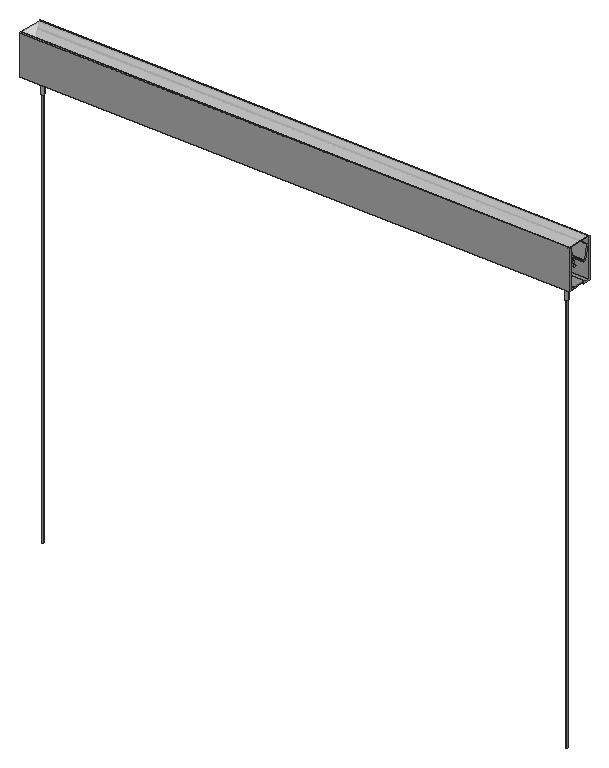
Revit family "2059336 Sylvania Lighting Fixture MC2 D I 1-2M 4K DALI WHT PRIS", category Lighting Fixtures, host Face, Revit 2016
Family settings
  Host = Face
  Part Type = Normal
  Round Connector Dimension = Use Diameter
  OmniClass Number = 23.80.70.11.17
  OmniClass Title = Specialized Lighting by Location or Use
  Cut with Voids When Loaded = No
  Light Source = Yes
  Shared = No
  Room Calculation Point = No
Parameters (values of type "2059336 MC2 D/I 1.2M 4K DALI WHT PRIS")
  Width_SYL = 54.0 mm
  Weight = "3.1 kg"
  Wattage = 32 W
  WarrantyStartDate [instance] = "n/a"
  WarrantyGuarantorParts = "n/a"
  WarrantyDurationUnit = "n/a"
  WarrantyDurationParts = "n/a"
  WarrantyDescription = "n/a"
  built-in parameter 1150110 = 1 (stored number, unit not read)
  Voltage = 0 V
  URL = "http://www.sylvania-lighting.com"
  TypeName = "MC2 D/I 1.2M 4K DALI WHT PRIS"
  built-in parameter 1114217 = 1 (stored number, unit not read)
  Tilt Angle = -90.00°
  built-in parameter 1150109 = 1 (stored number, unit not read)
  built-in parameter 1150134 = 12
  built-in parameter 1150113 = 1 (stored number, unit not read)
  SerialNumber [instance] = "n/a"
  PowerFactor = 0.95
  PowerConsumption = "32 W"
  NominalWidth = 0.0 mm
  NominalLength = 1200.0 mm
  NominalHeight = 86.0 mm
  Name = "MC2 D/I 1.2M 4K DALI WHT PRIS"
  ModelReference = "MC2 D/I 1.2M 4K DALI WHT PRIS"
  ModelNumber = "2059336"
  Material_3_SYL = Metal_Sylvania_Mini Contiuum II_Silver
  Photometric Web File = "2059336.ies"
  Material_4_SYL = Metal_Sylvania_Mini Contiuum II_Silver
  MountingHeight_SYL [instance] = 1000.0 mm
  Material = "aluminium housing, polycarbonate diffuser"
  ManufacturerName = "Feilo Sylvania"
  LuminousEfficacy = "122 lm/W"
  LuminaireType = ""
  LightOutputRatio = "100"
  Length_SYL = 1200.0 mm
  LampsType = Lamp  # "LED"
  LampNominalLuminous = "3888 lm"
  LampMacAdamStep = "3"
  LampColourTemperature = "4000 K"
  LampColourRenderingIndex = "80"
  Keynote = "16500"
  InstallationDate [instance] = "n/a"
  InputVoltage = "n/a"
  InputNominalFrequency = "n/a"
  IngressProtection = "IP20"
  ImpactProtectionIndex = "n/a"
  IfcExportType = "IfcLightFixtureType"
  IfcExportAs = "IfcLightFixtureType"
  Height_SYL = 86.0 mm
  ExpectedLife = 50000
  EndCapRight_SYL [instance] = no
  EndCapLeft_SYL [instance] = no
  Emit from Rectangle Width = Width_SYL - 2.0 mm  # 52.0 mm
  Emit from Rectangle Length = Length_SYL  # 1200.0 mm
  Emit Shape Visible in Rendering = no
  ElectricShockClassification = "Class I"
  DurationUnit = "hours"
  DocumentationLiterature = "http://www.sylvania-lighting.com/product/en-int/products/2059336"
  DimmingControlOptions = "n/a"
  CreatedOn = "10/15/2018"
  CreatedBy = "@sylvania-lighting.com"
  built-in parameter 1114216 [instance] = 1 (stored number, unit not read)
  Model = "MC2 D/I 1.2M 4K DALI WHT PRIS"
  Manufacturer = "Feilo Sylvania"
  built-in parameter 1150105 = 310.67 (stored number, unit not read)
  Lumens = 3904 lm
  built-in parameter 1150115 = 1 (stored number, unit not read)
  built-in parameter 1150137 = (empty or 0)
  built-in parameter 1150139 = (empty or 0)
  built-in parameter 1150112 = 1 (stored number, unit not read)
  built-in parameter 1150114 = 1 (stored number, unit not read)
  Lamp = "LED"
  built-in parameter 1150132 = 2
  built-in parameter 1150102 = (empty or 0)
  built-in parameter 1150107 = 4000 (stored number, unit not read)
  built-in parameter 1150138 = (empty or 0)
  built-in parameter 1150106 = 3.1067 (stored number, unit not read)
  Material_1_SYL = Metal_Sylvania_Mini Continuum II_White
  built-in parameter 1150104 = 11.334 (stored number, unit not read)
  Dimming Lamp Color Temperature Shift = <None>
  Material_2_SYL = Polycarbonate_Sylvania_Mini Continuum II_Opal_4000K
  Description = "2059336   MC2 D/I 1.2M 4K DALI WHT PRIS  Continuous lines of LED light, white RAL 9016, direct/indirect distribution (65/35), various accessories available, compact and minimalist design based on the Golden Mean, ideal for offices, meeting rooms, corridors, education facilities, museums and libraries, extruded aluminium body, diffuser: micro prismatic, colour temperature: 4000K neutral white, total system power: 32W, total fixture output: 3833lm, luminaire efficacy: 120lm/W, LOR: 100%, colour rendering: Ra >80, LED Chromacity: 1 step MacAdam ellipse, lifetime: 60,000 hours at 90% of the original output (L90), energy class: A++, A+, A, IR/UV free light source without heat radiation, operating voltage: 220-240V / 50-60Hz, drive current: (Direct) 800mA + (Indirect) 350mA, electronic driver, DALI dimmable, direct/indirect independently addressable, electrical protection: CLASS I, ingress protection rating: IP20, suitable for internal environment only."
  Default Elevation = 0.0 mm
  Color Filter = 16777215
  built-in parameter 1140040 [instance] = 1
  BarCode [instance] = "n/a"
  built-in parameter 1114218 = 1 (stored number, unit not read)
  built-in parameter 1150133 = 10 (stored number, unit not read)
  AssetType = "Fixed"
  AssetIdentifier [instance] = "n/a"
  Assembly Code = "D5020200"
  Apparent Load = 32 VA
Reference planes
  plane 1 "Center (Front/Back)": y = 0
  plane 2 "Bottom Fixtures": z = 0
  plane 3 "Center (Left/Right)": x = 0
  plane 4 "Fixture Left": x = -600
  plane 5 "Fixture Right": x = 600
  plane 6 "Fixture Bottom": z = 1000
  plane 7: z = 998
  plane 8: z = 996
  plane 9: z = 986.951
  plane 10: z = 956.951
  plane 11 "Fixture Top": z = 914
  plane 12 "Mounting Right": x = 572
  plane 13 "Mounting Left": x = -572
  plane 14: z = 879
  plane 15: y = 27
  plane 16: y = -27
  plane 17: y = -26
  plane 18: y = -25
  plane 19: y = 26
  plane 20: y = 25
  plane 21: y = 11
  plane 22: y = -11
  plane 23: y = 24
  plane 24: y = 22
  plane 25: y = -22
  plane 26: y = 15
  plane 27: y = -15
  plane 28 "Upper Diffuser Left": x = -450
  plane 29 "Upper Diffuser Right": x = 450
  plane 30: x = -602
  plane 31: x = 602
Forms (mm)
  Extrusion 1, solid, material "Metal_Sylvania_Mini Continuum II_White" <- "Material_1_SYL", detail levels fine
    sketch origin (0, 0, 520) x (0, 1, 0) y (0, 0, 1)
      loop
        line (27, 480) -> (26, 480) -> (26, 478) -> (25, 478) -> (25, 396) -> (13, 396) -> (13, 398) -> (-13, 398) -> (-13, 396) -> (-25, 396) -> (-25, 478) -> (-26, 478) -> (-26, 480) -> (-27, 480) -> (-27, 394) -> (-11, 394) -> (-11, 396) -> (11, 396) -> (11, 394) -> (27, 394) -> (27, 480)
    from -600 to 600
  Extrusion 2, solid, material "Polycarbonate_Sylvania_Mini Continuum II_Opal_4000K" <- "Material_2_SYL", detail levels fine
    sketch origin (0, 0, 520) x (0, 1, 0) y (0, 0, 1)
      loop
        line (-26, 480) -> (-26, 478) -> (26, 478) -> (26, 480) -> (-26, 480)
    from -600 to 600
  Extrusion 3, solid, material "Metal_Sylvania_Mini Contiuum II_Silver" <- "Material_3_SYL", detail levels fine
    sketch origin (0, 0, 520) x (0, 1, 0) y (0, 0, 1)
      loop
        line (22, 466.951) -> (20.973, 466.951) -> (14.206, 437.951) -> (11, 437.951) -> (11, 436.951) -> (15, 436.951) -> (22, 466.951)
      loop
        line (-15, 436.951) -> (-11, 436.951) -> (-11, 437.951) -> (-14.206, 437.951) -> (-20.973, 466.951) -> (-22, 466.951) -> (-15, 436.951)
    from -600 to 600
  Extrusion 4, solid, material "Metal_Sylvania_Mini Continuum II_White" <- "Material_1_SYL", detail levels coarse+medium
    sketch origin (0, 0, 520) x (0, 1, 0) y (0, 0, 1)
      loop
        line (-27, 480) -> (-27, 394) -> (27, 394) -> (27, 480) -> (-27, 480)
    from -600 to 600
  Extrusion 5, solid, material "Metal_Sylvania_Mini Contiuum II_Silver" <- "Material_4_SYL", detail levels fine
    sketch origin (0, 0, -86) x (-1, 0, 0) y (0, -1, 0)
      loop
        circle (572, 0) r 4
      loop
        circle (-572, 0) r 4
    from 965 to 1002
  Extrusion 6, solid, material "Metal_Sylvania_Mini Contiuum II_Silver" <- "Material_4_SYL", detail levels fine
    sketch origin (0, 0, -86) x (-1, 0, 0) y (0, -1, 0)
      loop
        circle (-572, 0) r 1
      loop
        circle (572, 0) r 1
    from 86 to 965
  Extrusion 7, solid, material "Polycarbonate_Sylvania_Mini Continuum II_Opal_4000K" <- "Material_2_SYL", detail levels fine
    sketch origin (0, 0, 0) x (0, 1, 0) y (0, 0, 1)
      loop
        arc (11, 916) -> (5.59, 914.504) -> (0, 914) r 31.25
        arc (0, 914) -> (-5.59, 914.504) -> (-11, 916) r 31.25
        line (-11, 916) -> (-11, 914.934)
        arc (-11, 914.934) -> (-5.584, 913.487) -> (0, 913) r 32.25
        arc (0, 913) -> (5.584, 913.487) -> (11, 914.934) r 32.25
        line (11, 914.934) -> (11, 916)
    from -450 to 450
  Extrusion 8, void
    sketch origin (0, 0, 0) x (0, 1, 0) y (0, 0, 1)
      loop
        line (11, 918) -> (-11, 918) -> (-11, 916) -> (11, 916) -> (11, 918)
    from -450 to 450
  Extrusion 9, solid, material "Metal_Sylvania_Mini Continuum II_White" <- "Material_1_SYL", visible <- "EndCapLeft_SYL"
    sketch origin (-600, 171.684, 1219.2) x (0, 1, 0) y (0, 0, 1)
      loop
        line (-198.684, -305.2) -> (-144.684, -305.2) -> (-144.684, -219.2) -> (-198.684, -219.2) -> (-198.684, -305.2)
    from 0 to -2
  Extrusion 10, solid, material "Metal_Sylvania_Mini Continuum II_White" <- "Material_1_SYL", visible <- "EndCapRight_SYL"
    sketch origin (600, 171.684, 1219.2) x (0, 1, 0) y (0, 0, -1)
      loop
        line (-144.684, 219.2) -> (-144.684, 305.2) -> (-198.684, 305.2) -> (-198.684, 219.2) -> (-144.684, 219.2)
    from 0 to -2
Cuts and joins
  Extrusion 8 cuts Extrusion 1
Lines and regions (mm)
  Masking region 1
    outline origin (0, 0, -86) x (-1, 0, 0) y (0, -1, 0)
      loop
        line (600, -27) -> (600, 27) -> (-600, 27) -> (-600, -27) -> (600, -27)
  symbolic lines, detail levels fine
    curve 1: line (-600, 26, -86) -> (600, 26, -86)
    curve 2: line (-600, -26, -86) -> (600, -26, -86)
  model lines, detail levels coarse+medium
    curve 3: line (-572, 0, 914) -> (-572, 0, 0)
    curve 4: line (572, 0, 914) -> (572, 0, 0)
Dimensions and locks
  host sketch curve to plane 3 "Center (Left/Right)" to host sketch curve = 820.0 mm, 775.047 mm
  equal spacing: plane 4 "Fixture Left", plane 3 "Center (Left/Right)", plane 5 "Fixture Right"
  "Length_SYL": plane 4 "Fixture Left" to plane 5 "Fixture Right"
  plane 6 "Fixture Bottom" to plane 7 to plane 8 to plane 9 to plane 10 = 2.0 mm locked, 2.0 mm locked, 9.049 mm locked, 30.0 mm locked
  locked: Extrusion 1 sketch curve to Extrusion 1 sketch curve at 2
  locked: Extrusion 1 sketch curve to plane 11 "Fixture Top" at 2
  "Height_SYL": plane 6 "Fixture Bottom" to plane 11 "Fixture Top"
  locked: plane 12 "Mounting Right" to plane 5 "Fixture Right" at 28
  locked: plane 4 "Fixture Left" to plane 13 "Mounting Left" at 28
  locked: plane 11 "Fixture Top" to plane 14 at 35
  "MountingHeight_SYL": plane 6 "Fixture Bottom" to plane 2 "Bottom Fixtures"
  equal spacing: plane 15, plane 1 "Center (Front/Back)", plane 16
  "Width_SYL": plane 15 to plane 16
  plane 22 to plane 27 to plane 25 to plane 18 to plane 17 to plane 16 = 4.0 mm locked, 7.0 mm locked, 3.0 mm locked, 1.0 mm locked, 1.0 mm locked
  plane 15 to plane 19 to plane 20 to plane 23 to plane 24 to plane 26 to plane 21 = 1.0 mm locked, 1.0 mm locked, 1.0 mm locked, 2.0 mm locked, 7.0 mm locked, 4.0 mm locked
  locked: plane 4 "Fixture Left" to plane 28 "Upper Diffuser Left" at 150
  locked: plane 29 "Upper Diffuser Right" to plane 5 "Fixture Right" at 150
  equal spacing: plane 30, plane 3 "Center (Left/Right)", plane 31
  locked: plane 30 to plane 4 "Fixture Left" at 2
  aligned and locked: plane 2 "Bottom Fixtures" to host face
  aligned and locked: level to host face
  aligned and locked: plane 5 "Fixture Right" to curve 1
  aligned and locked: plane 4 "Fixture Left" to curve 1
  aligned and locked: plane 4 "Fixture Left" to curve 2
  aligned and locked: plane 5 "Fixture Right" to curve 2
  aligned and locked: Extrusion 1 sketch curve to plane 7
  aligned and locked: plane 6 "Fixture Bottom" to Extrusion 1 sketch curve  (x2)
  aligned and locked: plane 7 to Extrusion 1 sketch curve
  aligned and locked: Extrusion 1 to Extrusion 2 sketch curve
  aligned and locked: Extrusion 2 sketch curve to Extrusion 1  (x3)
  aligned and locked: Extrusion 3 sketch curve to plane 10
  aligned and locked: plane 9 to Extrusion 3 sketch curve
  aligned and locked: Extrusion 3 sketch curve to plane 9
  aligned and locked: Extrusion 4 sketch curve to plane 6 "Fixture Bottom"
  aligned and locked: Extrusion 4 to plane 4 "Fixture Left"
  aligned and locked: Extrusion 2 to plane 4 "Fixture Left"
  aligned and locked: Extrusion 3 to plane 4 "Fixture Left"
  aligned and locked: Extrusion 1 to plane 4 "Fixture Left"
  aligned and locked: Extrusion 4 to plane 5 "Fixture Right"
  aligned and locked: Extrusion 2 to plane 5 "Fixture Right"
  aligned and locked: Extrusion 3 to plane 5 "Fixture Right"
  aligned and locked: Extrusion 1 to plane 5 "Fixture Right"
  aligned and locked: plane 11 "Fixture Top" to Extrusion 4 sketch curve
  aligned and locked: Extrusion 1 sketch curve to plane 11 "Fixture Top"  (x2)
  aligned and locked: Extrusion 1 sketch curve to Extrusion 1 sketch curve
  aligned and locked: plane 6 "Fixture Bottom" to imposter light
  aligned and locked: plane 11 "Fixture Top" to curve 3
  aligned and locked: plane 2 "Bottom Fixtures" to curve 3
  aligned and locked: plane 11 "Fixture Top" to curve 4
  aligned and locked: plane 2 "Bottom Fixtures" to curve 4
  aligned and locked: curve 4 to plane 12 "Mounting Right"
  aligned and locked: curve 3 to plane 13 "Mounting Left"
  aligned and locked: Extrusion 5 to Extrusion 1
  aligned and locked: Extrusion 5 to plane 14
  aligned and locked: plane 14 to Extrusion 6
  aligned and locked: Extrusion 6 to level
  aligned and locked: plane 11 "Fixture Top" to Extrusion 7 sketch curve
  aligned and locked: Extrusion 7 to plane 28 "Upper Diffuser Left"
  aligned and locked: Extrusion 7 to plane 29 "Upper Diffuser Right"
  aligned and locked: plane 21 to Extrusion 3 sketch curve
  aligned and locked: Extrusion 3 sketch curve to plane 22
  aligned and locked: Extrusion 8 sketch curve to plane 21
  aligned and locked: Extrusion 8 sketch curve to plane 22
  aligned and locked: Extrusion 8 sketch curve to Extrusion 1  (x2)
  aligned and locked: Extrusion 8 to Extrusion 7  (x2)
  aligned and locked: plane 21 to Extrusion 7 sketch curve
  aligned and locked: plane 1 "Center (Front/Back)" to Extrusion 7 sketch curve
  aligned and locked: plane 22 to Extrusion 7 sketch curve
  aligned and locked: Extrusion 9 sketch curve to Extrusion 4  (x4)
  aligned and locked: Extrusion 9 to plane 30
  aligned and locked: plane 4 "Fixture Left" to Extrusion 9
  aligned and locked: Extrusion 10 sketch curve to Extrusion 4  (x4)
  aligned and locked: plane 31 to Extrusion 10
  aligned and locked: plane 5 "Fixture Right" to Extrusion 10
Automatic sketch dimensions
  host sketch curve to host sketch curve = 1047.463 mm
  plane 19 to curve 1 = 0.0 mm
  curve 2 to plane 17 = 0.0 mm
  Masking region 1 sketch curve to plane 5 "Fixture Right" = 0.0 mm
  Masking region 1 sketch curve to plane 4 "Fixture Left" = 0.0 mm
  plane 15 to Masking region 1 sketch curve = 0.0 mm
  Masking region 1 sketch curve to plane 16 = 0.0 mm
  Extrusion 1 sketch curve to plane 16 = 0.0 mm
  Extrusion 1 sketch curve to plane 17 = 0.0 mm
  Extrusion 1 sketch curve to plane 18 = 0.0 mm
  Extrusion 1 sketch curve to plane 22 = 0.0 mm
  Extrusion 1 sketch curve to plane 21 = 0.0 mm
  Extrusion 1 sketch curve to plane 20 = 0.0 mm
  Extrusion 1 sketch curve to plane 19 = 0.0 mm
  Extrusion 1 sketch curve to plane 15 = 0.0 mm
  plane 11 "Fixture Top" to Extrusion 1 sketch curve = 2.0 mm
  Extrusion 1 sketch curve to plane 22 = 2.0 mm
  Extrusion 1 sketch curve to plane 21 = 2.0 mm
  Extrusion 3 sketch curve to plane 25 = 0.0 mm
  Extrusion 3 sketch curve to plane 27 = 0.0 mm
  Extrusion 3 sketch curve to plane 26 = 0.0 mm
  Extrusion 3 sketch curve to plane 24 = 0.0 mm
  plane 10 to Extrusion 3 sketch curve = 1.0 mm
  Extrusion 3 sketch curve to Extrusion 3 sketch curve = 1.027 mm
  plane 27 to Extrusion 3 sketch curve = 0.794 mm
  plane 26 to Extrusion 3 sketch curve = 0.794 mm
  plane 24 to Extrusion 3 sketch curve = 1.027 mm
  Extrusion 4 sketch curve to plane 16 = 0.0 mm
  Extrusion 4 sketch curve to plane 15 = 0.0 mm
  plane 1 "Center (Front/Back)" to Extrusion 5 sketch curve = 0.0 mm  (x2)
  Extrusion 5 sketch curve to plane 12 "Mounting Right" = 0.0 mm
  Extrusion 5 sketch curve to plane 13 "Mounting Left" = 0.0 mm
  plane 1 "Center (Front/Back)" to Extrusion 6 sketch curve = 0.0 mm  (x2)
  Extrusion 6 sketch curve to plane 12 "Mounting Right" = 0.0 mm
  Extrusion 6 sketch curve to plane 13 "Mounting Left" = 0.0 mm
  Extrusion 7 sketch curve to Extrusion 7 sketch curve = 0.0 mm  (x4)
  plane 11 "Fixture Top" to Extrusion 7 sketch curve = 0.934 mm
  Extrusion 3 sketch curve to Extrusion 3 sketch curve = 0.0 mm
  Extrusion 3 sketch curve to plane 10 = 0.0 mm
  plane 11 "Fixture Top" to Extrusion 7 sketch curve = 2.0 mm
  radius of Extrusion 5 sketch curve = 4.0 mm  (x2)
  radius of Extrusion 6 sketch curve = 1.0 mm  (x2)
Connectors
  electrical at (600, 0, 949), driven by "Apparent Load"
    settings: on Extrusion 1, index 1, voltage 230 V, apparent load 0 VA, apparent load phase1 32 VA, apparent load phase2 0 VA, apparent load phase3 0 VA, power factor 1, load classification "Lighting", number of poles 1, system type 31, power factor state 1, is connector primary yes, connector utility no, sub classification motor no, connector description ""
